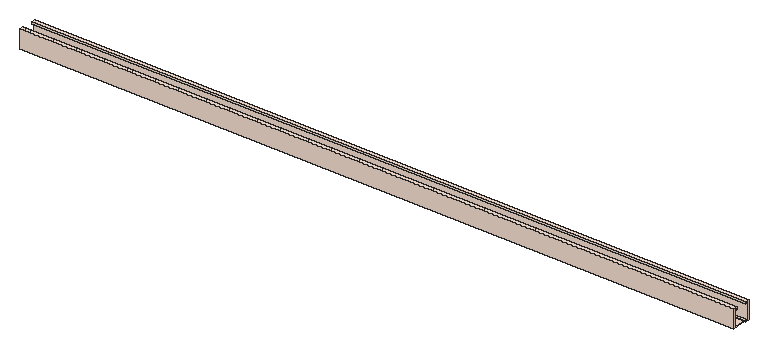
Revit family "nobuchi_25s08", category 機械設備, Revit 2022
Family settings
  丸型コネクタ寸法 = 直径を使用
  種別 = なし
  パーツ タイプ = 標準
  作業面ベース = いいえ
  常に垂直 = はい
  ロード時にボイドで切り取り = いいえ
  注釈の向きを維持 = いいえ
  共有 = いいえ
  部屋計算ポイント = いいえ
Parameters
  製造元 = "株式会社桐井製作所"
  既定の高さ = 0 mm
  URL = "https://www.kirii.co.jp/"
  K_長さ(mm) [instance] = 1000 mm
  K_材質 = "SGCC一般用　SGCC340~570高強度一般用"
  K_断面積A(mm2) = 66.8
  K_断面係数Zy(mm3) = 582.5
  K_断面係数Zx(mm3) = 391.1
  K_断面2次半径iy(mm) = 10.4
  K_断面2次半径ix(mm) = 9.2
  K_断面2次モーメントIy(mm4) = 7282
  K_断面2次モーメントIx(mm4) = 5635
  K_外形寸法(mm) = "25×25×0.8"
  K_品名 = "25形Sバー(0.8)"
  K_名称 = "一般野縁"
  K_単位質量(kg/m) = 0.54
  K_ヤング係数E(N/mm2) = 205000
  K_バージョン情報 = "20210714"
  K_めっき付着量 = "Z12"
  K_JIS規格 = "JIS G 3302"
Reference planes
  plane 1 "中心(正面/背面)": y = 0
  plane 2: z = 0
  plane 3 "中心(左/右)": x = 0
  plane 4: z = 25
  plane 5: y = 12.5
  plane 6: y = -12.5
  plane 7: x = 1000
Forms (mm)
  Extrusion 1, solid
    sketch origin (0, 0, 0) x (0, 1, 0) y (0, 0, 1)
      loop
        line (-7.5, 25) -> (-12.5, 25) -> (-12.5, 0) -> (-7.5, 0) -> (-6.73, 0.77) -> (6.73, 0.77) -> (7.5, 0) -> (12.5, 0) -> (12.5, 25) -> (7.5, 25) -> (7.5, 22) -> (8.3, 22) -> (8.3, 24.2) -> (11.7, 24.2) -> (11.7, 0.8) -> (7.831, 0.8) -> (7.061, 1.57) -> (-7.062, 1.57) -> (-7.832, 0.8) -> (-11.7, 0.8) -> (-11.7, 24.2) -> (-8.3, 24.2) -> (-8.3, 22) -> (-7.5, 22) -> (-7.5, 25)
    from 0 to 1000
Dimensions and locks
  "K_長さ(mm)": plane 7 to plane 3 "中心(左/右)"
  aligned and locked: level to plane 2
Automatic sketch dimensions
  Extrusion 1 sketch curve to level = 0 mm  (x2)
  Extrusion 1 sketch curve to plane 6 = 0 mm
  Extrusion 1 sketch curve to plane 4 = 0 mm  (x2)
  Extrusion 1 sketch curve to plane 5 = 0 mm
  plane 6 to Extrusion 1 sketch curve = 0.8 mm
  Extrusion 1 sketch curve to plane 4 = 0.8 mm  (x2)
  Extrusion 1 sketch curve to Extrusion 1 sketch curve = 3.4 mm
  Extrusion 1 sketch curve to Extrusion 1 sketch curve = 0.8 mm  (x2)
  Extrusion 1 sketch curve to Extrusion 1 sketch curve = 4.199 mm
  Extrusion 1 sketch curve to Extrusion 1 sketch curve = 0.77 mm  (x4)
  level to Extrusion 1 sketch curve = 0.77 mm
  Extrusion 1 sketch curve to plane 5 = 5.77 mm
  Extrusion 1 sketch curve to plane 5 = 5 mm
  Extrusion 1 sketch curve to Extrusion 1 sketch curve = 3 mm
  Extrusion 1 sketch curve to Extrusion 1 sketch curve = 2.2 mm
  level to Extrusion 1 sketch curve = 0.8 mm  (x2)
  Extrusion 1 sketch curve to Extrusion 1 sketch curve = 0.331 mm  (x2)
  level to Extrusion 1 sketch curve = 1.57 mm
  Extrusion 1 sketch curve to plane 5 = 0.8 mm
